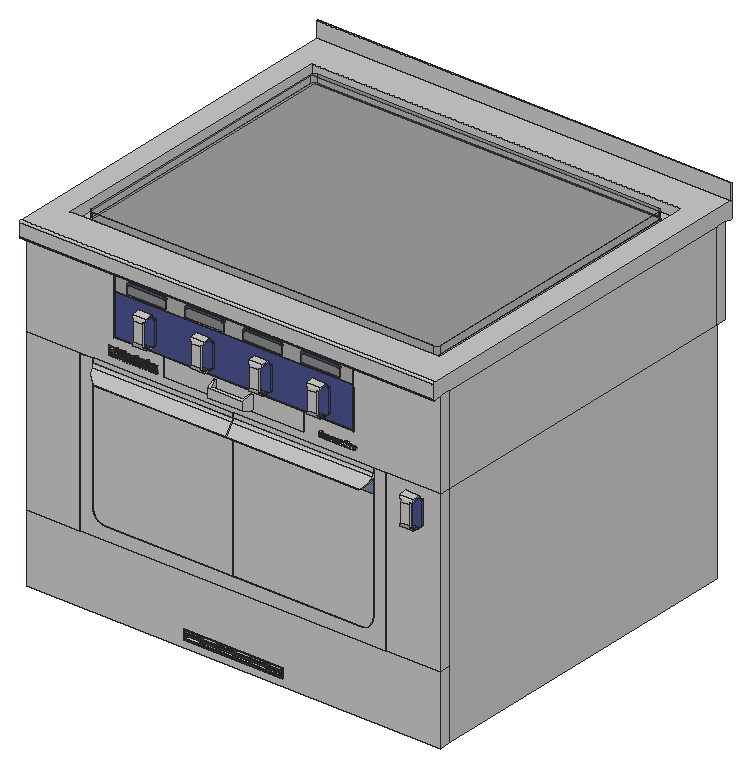
Revit family "QF_ELECTROLUXPROFESSIONAL_589705_MCLQFBJ4AO", category Attrezzature speciali, Revit 2020
Family settings
  Quota connettore circolare = Usa diametro
  Tipo di parte = Normale
  Basato su piano di lavoro = No
  Sempre verticale = Sì
  Taglio con vuoti quando caricato = No
  Condiviso = No
  Punto di calcolo locali = No
Parameters (values of type "Standard")
  Weight = 193.00 kg
  Watts = 18300 W
  Volts = 400 V
  URL Manufacturer = "https://www.electroluxprofessional.com/"
  URL = "https://www.electroluxprofessional.com/"
  Steam Supply Size = 0"
  Steam Supply Minimum Pressure = 0.00 psi
  Steam Supply Maximum Pressure = 0.00 psi
  Steam Consumption per Hour = 0
  Refrigeration Suction Line Size = 0 mm
  Refrigeration Liquid Line Size = 0 mm
  Refrigerant Compressor Remote = yes
  Prospetto di default = 0 mm
  Phase = 3
  Modello = "MCLQFBJ4AO"
  Produttore = "Electrolux Professional"
  Length Actual = 1000 mm  # constant formula
  Item Number = "589705"
  Hot Water Size = 0"
  Height Actual = 800 mm  # constant formula
  HP = "24.5 HP"
  Gas Size = 0"
  Gas KW = 0
  Gas Input Pressure = 0.0 Btu/h
  Direct Waste Size = 0"
  Descrizione = "EL.SOLID T,ECO,WARM.CAB.1S,BS,1000X900X8"
  Depth Actual = 900 mm  # constant formula
  Cycle = 50 Hz
  Condensate Return Size = 0"
  Compressed Air Volume = 0 GPM
  Compressed Air Size = 0"
  Compressed Air Pressure = 0.00 psi
  Cold Water Size = 0"
  Accessory = yes
Reference planes
  plane 1 "BACK": y = 0
  plane 2: z = 0
  plane 3 "LEFT": x = -100
  plane 4 "RIGHT": x = 900
  plane 5 "FRONT": y = -900
  plane 6 "TOP": z = 900
  plane 7 "Center (Left/Right)": x = 400
  plane 8: y = -450
  plane 9: z = 100
  plane 10: y = -150
  plane 11 "Panel": y = -855
  plane 12: z = 798
  plane 13: z = 1327
  plane 14: x = -22
  plane 15: x = 822
  plane 16: y = -150
  plane 17: y = -650
  plane 18 "EIx": x = 855
  plane 19 "EIy": y = -685
  plane 20: y = -880
  plane 21: z = 938
Forms (mm)
  Extrusion 1, solid, material "QF_Finishes_Stainless Steel"
    sketch origin (-178.969, -4572, 100) x (-1, 0, 0) y (0, -1, 0)
      loop
        line (-78.969, -4527) -> (-78.969, -3717) -> (-1078.969, -3717) -> (-1078.969, -4527) -> (-78.969, -4527)
    from 549.969 to 762.969
  Extrusion 2, solid, material "QF_Finishes_Stainless Steel"
    sketch origin (-100, 0, -100) x (0, 1, 0) y (0, 0, 1)
      loop
        line (-855, 200) -> (-855, 365) -> (-880, 365) -> (-880, 200) -> (-855, 200)
    from 0 to 1000
  Extrusion 3, solid, material "QF_Finishes_Stainless Steel"
    sketch origin (-488.969, -4662, 100) x (-1, 0, 0) y (0, -1, 0)
      loop
        circle (-1343.969, -3977) r 6.35
    from 0 to -11.851
  Extrusion 4, solid, material "QF_Finishes_Stainless Steel"
    sketch origin (400, 296.4, 1219.2) x (0, 1, 0) y (0, 0, 1)
      loop
        line (-296.4, -319.2) -> (-1191.4, -319.2)
        arc (-1191.4, -319.2) -> (-1194.935, -320.664) -> (-1196.4, -324.2) r 5
        line (-1196.4, -324.2) -> (-1196.4, -355.2)
        arc (-1196.4, -355.2) -> (-1194.971, -358.264) -> (-1191.705, -359.139) r 4
        line (-1191.705, -359.139) -> (-1176.4, -356.231) -> (-316.4, -356.231) -> (-301.094, -359.139)
        arc (-301.094, -359.139) -> (-297.829, -358.264) -> (-296.4, -355.2) r 4
        line (-296.4, -355.2) -> (-296.4, -319.2)
    from -500 to 500
  Extrusion 5, solid, material "QF_Finishes_Electrolux_Black Smoke Iluminated"
    sketch origin (0, 0, 900) x (-1, 0, 0) y (0, -1, 0)
      loop
        arc (12, 109) -> (19.071, 111.929) -> (22, 119) r 10
        line (22, 119) -> (22, 780)
        arc (22, 780) -> (19.071, 787.071) -> (12, 790) r 10
        line (12, 790) -> (-812, 790)
        arc (-812, 790) -> (-819.071, 787.071) -> (-822, 780) r 10
        line (-822, 780) -> (-822, 119)
        arc (-822, 119) -> (-819.071, 111.929) -> (-812, 109) r 10
        line (-812, 109) -> (12, 109)
    from 0 to -20
  Extrusion 6, solid, material "QF_Finishes_Stainless Steel"
    sketch origin (-178.969, -4572, 100) x (-1, 0, 0) y (0, -1, 0)
      loop
        line (-78.969, -4527) -> (-78.969, -3717) -> (-1078.969, -3717) -> (-1078.969, -4527) -> (-78.969, -4527)
    from 549.969 to 0
  Extrusion 7, void
    sketch origin (0, -855, -100) x (-1, 0, 0) y (0, 0, 1)
      loop
        line (-520, 216.594) -> (-280, 216.594) -> (-280, 241.594) -> (-520, 241.594) -> (-520, 216.594)
    from 0 to -25
  Extrusion 8, solid, material "QF_Finishes_Black"
    sketch origin (0, -855, -100) x (-1, 0, 0) y (0, 0, 1)
      loop
        line (-280, 241.594) -> (-520, 241.594) -> (-520, 216.594) -> (-280, 216.594) -> (-280, 241.594)
      loop
        line (-282, 239.594) -> (-319.131, 239.594) -> (-319.131, 230.094) -> (-282, 230.094) -> (-282, 239.594)
      loop
        line (-282, 218.594) -> (-282, 228.094) -> (-319.131, 228.094) -> (-319.131, 218.594) -> (-282, 218.594)
      loop
        line (-321.131, 239.594) -> (-359.066, 239.594) -> (-359.066, 230.094) -> (-321.131, 230.094) -> (-321.131, 239.594)
      loop
        line (-399, 239.594) -> (-399, 230.094) -> (-361.066, 230.094) -> (-361.066, 239.594) -> (-399, 239.594)
      loop
        line (-401, 239.594) -> (-438.934, 239.594) -> (-438.934, 230.094) -> (-401, 230.094) -> (-401, 239.594)
      loop
        line (-359.066, 218.594) -> (-321.131, 218.594) -> (-321.131, 228.094) -> (-359.066, 228.094) -> (-359.066, 218.594)
      loop
        line (-361.066, 218.594) -> (-361.066, 228.094) -> (-399, 228.094) -> (-399, 218.594) -> (-361.066, 218.594)
      loop
        line (-401, 228.094) -> (-438.934, 228.094) -> (-438.934, 218.594) -> (-401, 218.594) -> (-401, 228.094)
      loop
        line (-518, 239.594) -> (-518, 230.094) -> (-480.869, 230.094) -> (-480.869, 239.594) -> (-518, 239.594)
      loop
        line (-518, 218.594) -> (-480.869, 218.594) -> (-480.869, 228.094) -> (-518, 228.094) -> (-518, 218.594)
      loop
        line (-478.869, 239.594) -> (-478.869, 230.094) -> (-440.934, 230.094) -> (-440.934, 239.594) -> (-478.869, 239.594)
      loop
        line (-440.934, 218.594) -> (-440.934, 228.094) -> (-478.869, 228.094) -> (-478.869, 218.594) -> (-440.934, 218.594)
    from -25.03 to -20
  Extrusion 9, void
    sketch origin (0, 0, 900) x (-1, 0, 0) y (0, -1, 0)
      loop
        line (47, 815) -> (-847, 815) -> (-847, 84) -> (47, 84) -> (47, 815)
    from 0 to -25
  Extrusion 10, solid, material "QF_Finishes_Stainless Steel"
    sketch origin (0, 0, 900) x (-1, 0, 0) y (0, -1, 0)
      loop
        line (18, 113) -> (18, 786) -> (-818, 786) -> (-818, 113) -> (18, 113)
    from -20 to -25
  Extrusion 11, solid, material "QF_Finishes_Stainless Steel"
    sketch origin (400, 296.4, 1219.169) x (0, 1, 0) y (0, 0, 1)
      loop
        line (-341.4, -356.2) -> (-341.4, -569.2) -> (-316.4, -569.2) -> (-316.4, -356.2) -> (-341.4, -356.2)
    from -500 to 500
  Extrusion 12, solid, material "QF_Finishes_Stainless Steel"
    sketch origin (0, -900, 0) x (1, 0, 0) y (0, 0, 1)
      loop
        line (-100, 649.969) -> (-100, 265) -> (30, 265) -> (30, 649.969) -> (-100, 649.969)
      loop
        line (900, 650) -> (770, 650) -> (770, 265) -> (900, 265) -> (900, 650)
    from -45 to -20
  Extrusion 13, solid, material "QF_Finishes_Stainless Steel"
    sketch origin (0, -900, 0) x (1, 0, 0) y (0, 0, 1)
      loop
        line (32, 265) -> (768, 265) -> (768, 650) -> (740, 650) -> (740, 327)
        arc (740, 327) -> (730.627, 304.373) -> (708, 295) r 32
        line (708, 295) -> (92, 295)
        arc (92, 295) -> (69.373, 304.373) -> (60, 327) r 32
        line (60, 327) -> (60, 649.969) -> (32, 649.969) -> (32, 265)
    from -45 to -20
  Extrusion 14, solid, material "QF_Finishes_Stainless Steel"
    sketch origin (-100, 0, 0) x (0, 1, 0) y (0, 0, 1)
      loop
        line (0, 900) -> (0, 938) -> (-2, 938) -> (-2, 900) -> (0, 900)
    from 0 to 1000
Cuts and joins
  Extrusion 7 cuts Extrusion 6
  Extrusion 7 cuts Extrusion 2
  Extrusion 9 cuts Extrusion 4
Lines and regions (mm)
  symbolic lines
    curve 1: line (-100, 0, 100) -> (900, 0, 100)
    curve 2: line (-100, -900, 100) -> (-100, 0, 100)
    curve 3: line (900, -900, 100) -> (-100, -900, 100)
    curve 4: line (900, 0, 100) -> (900, -900, 100)
    curve 5: line (812, -109, 100) -> (-12, -109, 100)
    curve 6: line (-22, -119, 100) -> (-22, -780, 100)
    curve 7: line (-12, -790, 100) -> (812, -790, 100)
    curve 8: line (822, -780, 100) -> (822, -119, 100)
    curve 9: arc (-12, -109, 100) -> (-19.071, -111.929, 100) -> (-22, -119, 100) r 10
    curve 10: arc (822, -119, 100) -> (819.071, -111.929, 100) -> (812, -109, 100) r 10
    curve 11: arc (812, -790, 100) -> (819.071, -787.071, 100) -> (822, -780, 100) r 10
    curve 12: arc (-22, -780, 100) -> (-19.071, -787.071, 100) -> (-12, -790, 100) r 10
    curve 13: line (847, -84, 900) -> (-47, -84, 900)
    curve 14: line (-47, -84, 900) -> (-47, -815, 900)
    curve 15: line (847, -815, 900) -> (847, -84, 900)
    curve 16: line (-47, -815, 900) -> (847, -815, 900)
  model lines, style "SpecialityEquipment"
    curve 17: arc (634, -211, 900) -> (580.967, -339.033, 900) -> (709, -286, 900) r 75
    curve 18: line (689, -286, 900) -> (729, -286, 900)
    curve 19: line (729, -286, 900) -> (709, -266, 900)
    curve 20: line (689, -286, 900) -> (709, -266, 900)
    curve 21: arc (166, -211, 900) -> (112.967, -339.033, 900) -> (241, -286, 900) r 75
    curve 22: line (221, -286, 900) -> (261, -286, 900)
    curve 23: line (261, -286, 900) -> (241, -266, 900)
    curve 24: line (221, -286, 900) -> (241, -266, 900)
    curve 25: arc (634, -539, 900) -> (580.967, -667.033, 900) -> (709, -614, 900) r 75
    curve 26: line (689, -614, 900) -> (729, -614, 900)
    curve 27: line (729, -614, 900) -> (709, -594, 900)
    curve 28: line (689, -614, 900) -> (709, -594, 900)
    curve 29: arc (166, -539, 900) -> (112.967, -667.033, 900) -> (241, -614, 900) r 75
    curve 30: line (221, -614, 900) -> (261, -614, 900)
    curve 31: line (261, -614, 900) -> (241, -594, 900)
    curve 32: line (221, -614, 900) -> (241, -594, 900)
  symbolic lines, style "SpecialityEquipment"
    curve 33: line (-100, -2, 0) -> (900, -2, 0)
Dimensions and locks
  plane 3 "LEFT" to plane 4 "RIGHT" = 1000 mm
  plane 5 "FRONT" to plane 1 "BACK" = 900 mm
  plane 3 "LEFT" to plane 7 "Center (Left/Right)" to plane 4 "RIGHT" = 500 mm, 500 mm
  equal spacing: plane 5 "FRONT", plane 8, plane 1 "BACK"
  plane 6 "TOP" to level = 900 mm  (x2)
  plane 9 to level = 100 mm
  plane 1 "BACK" to plane 10 to plane 11 "Panel" = 150 mm, 705 mm  (x2)
  plane 6 "TOP" to plane 9 to level = 800 mm, 100 mm
  plane 1 "BACK" to plane 5 "FRONT" = 900 mm
  plane 1 "BACK" to Extrusion 3 = 685 mm
  plane 12 to plane 9 = 698 mm
  plane 13 to plane 6 "TOP" = 427 mm
  plane 6 "TOP" to plane 12 = 102 mm
  plane 14 to plane 3 "LEFT" = 78 mm
  plane 15 to plane 4 "RIGHT" = 78 mm
  locked: plane 1 "BACK" to plane 16 at 150
  locked: plane 16 to plane 17 at 500
  plane 11 "Panel" to plane 5 "FRONT" = 45 mm
  plane 18 "EIx" to plane 4 "RIGHT" = 45 mm
  plane 19 "EIy" to plane 1 "BACK" = 685 mm
  locked: plane 11 "Panel" to plane 20 at 25
  plane 21 to plane 6 "TOP" = 38 mm
  aligned and locked: level to plane 2
  aligned and locked: Extrusion 2 to plane 4 "RIGHT"
  aligned and locked: cut or joined group of Extrusion 4, Extrusion 9 to plane 3 "LEFT"
  aligned and locked: cut or joined group of Extrusion 4, Extrusion 9 to plane 4 "RIGHT"
  aligned and locked: cut or joined group of Extrusion 6, Extrusion 7 to plane 4 "RIGHT"
  aligned and locked: cut or joined group of Extrusion 6, Extrusion 7 to plane 3 "LEFT"
  aligned and locked: nested 2 to plane 11 "Panel"
  aligned and locked: Extrusion 1 to plane 11 "Panel"
  aligned and locked: plane 11 "Panel" to cut or joined group of Extrusion 2, Extrusion 7
  aligned and locked: nested 1 to plane 20
  aligned and locked: Extrusion 11 to plane 4 "RIGHT"
  aligned and locked: Extrusion 1 to plane 3 "LEFT"
  aligned and locked: Extrusion 11 to plane 3 "LEFT"
  aligned and locked: Extrusion 1 to plane 4 "RIGHT"
  aligned and locked: plane 7 "Center (Left/Right)" to nested 3
  aligned and locked: Extrusion 12 to nested 2
  aligned and locked: plane 20 to Extrusion 12
  aligned and locked: plane 11 "Panel" to Extrusion 13
  aligned and locked: plane 20 to Extrusion 13
Automatic sketch dimensions
  curve 33 to plane 3 "LEFT" = 0 mm
  curve 33 to plane 4 "RIGHT" = 0 mm
  plane 1 "BACK" to curve 33 = 2 mm
  Extrusion 1 sketch curve to plane 4 "RIGHT" = 0 mm
  Extrusion 1 sketch curve to plane 3 "LEFT" = 0 mm
  Extrusion 1 sketch curve to plane 11 "Panel" = 0 mm
  plane 1 "BACK" to Extrusion 1 sketch curve = 45 mm
  Extrusion 2 sketch curve to plane 9 = 0 mm
  Extrusion 2 sketch curve to plane 20 = 0 mm
  Extrusion 2 sketch curve to plane 11 "Panel" = 0 mm
  plane 9 to Extrusion 2 sketch curve = 165 mm
  plane 1 "BACK" to curve 1 = 0 mm
  curve 1 to plane 4 "RIGHT" = 0 mm
  curve 8 to plane 15 = 0 mm
  curve 6 to plane 14 = 0 mm
  curve 2 to plane 3 "LEFT" = 0 mm
  plane 5 "FRONT" to curve 3 = 0 mm
  plane 15 to curve 5 = 10 mm
  plane 15 to curve 11 = 10 mm
  curve 5 to plane 14 = 10 mm
  curve 12 to curve 12 = 10 mm
  plane 10 to curve 5 = 41 mm
  plane 11 "Panel" to curve 11 = 75 mm
  Extrusion 3 sketch curve to plane 18 "EIx" = 0 mm
  Extrusion 3 sketch curve to plane 19 "EIy" = 0 mm
  Extrusion 4 sketch curve to plane 5 "FRONT" = 0 mm
  Extrusion 4 sketch curve to plane 6 "TOP" = 0 mm
  Extrusion 4 sketch curve to plane 20 = 0 mm
  Extrusion 4 sketch curve to plane 1 "BACK" = 0 mm
  Extrusion 4 sketch curve to Extrusion 4 sketch curve = 4 mm
  Extrusion 4 sketch curve to Extrusion 4 sketch curve = 0.695 mm
  Extrusion 4 sketch curve to plane 5 "FRONT" = 5 mm
  plane 1 "BACK" to Extrusion 4 sketch curve = 20 mm
  plane 1 "BACK" to Extrusion 4 sketch curve = 4.695 mm
  plane 1 "BACK" to Extrusion 4 sketch curve = 4 mm
  Extrusion 4 sketch curve to Extrusion 4 sketch curve = 31 mm
  Extrusion 4 sketch curve to Extrusion 4 sketch curve = 36 mm
  Extrusion 4 sketch curve to Extrusion 4 sketch curve = 2.909 mm
  Extrusion 5 sketch curve to plane 15 = 0 mm
  Extrusion 5 sketch curve to plane 14 = 0 mm
  plane 15 to Extrusion 5 sketch curve = 10 mm  (x2)
  Extrusion 5 sketch curve to Extrusion 5 sketch curve = 10 mm  (x2)
  plane 10 to Extrusion 5 sketch curve = 41 mm
  plane 11 "Panel" to Extrusion 5 sketch curve = 75 mm
  Extrusion 6 sketch curve to plane 4 "RIGHT" = 0 mm
  Extrusion 6 sketch curve to plane 3 "LEFT" = 0 mm
  Extrusion 6 sketch curve to plane 11 "Panel" = 0 mm
  plane 1 "BACK" to Extrusion 6 sketch curve = 45 mm
  plane 9 to Extrusion 7 sketch curve = 41.594 mm
  plane 7 "Center (Left/Right)" to Extrusion 7 sketch curve = 120 mm
  Extrusion 7 sketch curve to plane 7 "Center (Left/Right)" = 120 mm
  plane 9 to Extrusion 7 sketch curve = 16.594 mm
  plane 9 to Extrusion 8 sketch curve = 41.594 mm
  plane 7 "Center (Left/Right)" to Extrusion 8 sketch curve = 120 mm
  Extrusion 8 sketch curve to Extrusion 8 sketch curve = 2 mm  (x15)
  Extrusion 8 sketch curve to Extrusion 8 sketch curve = 0 mm  (x16)
  Extrusion 8 sketch curve to Extrusion 8 sketch curve = 37.131 mm  (x2)
  Extrusion 8 sketch curve to Extrusion 8 sketch curve = 37.934 mm  (x3)
  plane 7 "Center (Left/Right)" to Extrusion 8 sketch curve = 1 mm  (x2)
  Extrusion 8 sketch curve to plane 7 "Center (Left/Right)" = 1 mm  (x2)
  plane 9 to Extrusion 8 sketch curve = 18.594 mm  (x4)
  Extrusion 8 sketch curve to Extrusion 8 sketch curve = 9.5 mm  (x6)
  plane 18 "EIx" to Extrusion 9 sketch curve = 8 mm
  plane 14 to Extrusion 9 sketch curve = 25 mm
  plane 10 to Extrusion 9 sketch curve = 66 mm
  plane 11 "Panel" to Extrusion 9 sketch curve = 40 mm
  plane 15 to Extrusion 10 sketch curve = 4 mm
  Extrusion 10 sketch curve to plane 14 = 4 mm
  plane 10 to Extrusion 10 sketch curve = 37 mm
  plane 11 "Panel" to Extrusion 10 sketch curve = 69 mm
  plane 18 "EIx" to curve 16 = 8 mm
  plane 15 to curve 19 = 93 mm
  curve 27 to plane 17 = 36 mm
  plane 15 to curve 27 = 93 mm
  curve 26 to curve 27 = 20 mm
  curve 18 to curve 20 = 20 mm
  curve 19 to curve 20 = 20 mm
  curve 28 to curve 26 = 20 mm
  curve 18 to curve 17 = 55 mm
  curve 26 to curve 25 = 55 mm
  curve 31 to plane 17 = 36 mm
  curve 31 to plane 7 "Center (Left/Right)" = 139 mm
  curve 23 to plane 7 "Center (Left/Right)" = 139 mm
  curve 22 to curve 24 = 20 mm
  curve 30 to curve 31 = 20 mm
  curve 32 to curve 32 = 20 mm
  curve 23 to curve 24 = 20 mm
  curve 22 to curve 21 = 55 mm
  curve 30 to curve 29 = 55 mm
  plane 14 to curve 14 = 25 mm
  curve 22 to plane 10 = 136 mm
  curve 18 to plane 10 = 136 mm
  plane 10 to curve 13 = 66 mm
  plane 11 "Panel" to curve 15 = 40 mm
  curve 25 to curve 26 = 20 mm
  curve 17 to curve 18 = 20 mm
  curve 29 to curve 30 = 20 mm
  curve 21 to curve 22 = 20 mm
  plane 1 "BACK" to Extrusion 11 sketch curve = 45 mm
  plane 1 "BACK" to Extrusion 11 sketch curve = 20 mm
  Extrusion 11 sketch curve to plane 12 = 148.031 mm
  Extrusion 11 sketch curve to plane 6 "TOP" = 37.031 mm
  Extrusion 12 sketch curve to plane 3 "LEFT" = 0 mm
  plane 4 "RIGHT" to Extrusion 12 sketch curve = 0 mm
  Extrusion 12 sketch curve to plane 14 = 52 mm
  plane 15 to Extrusion 12 sketch curve = 52 mm
  plane 9 to Extrusion 12 sketch curve = 165 mm  (x2)
  Extrusion 12 sketch curve to plane 12 = 148.031 mm
  Extrusion 12 sketch curve to plane 12 = 148 mm
  Extrusion 13 sketch curve to plane 14 = 54 mm
  Extrusion 13 sketch curve to Extrusion 13 sketch curve = 28 mm
  Extrusion 13 sketch curve to Extrusion 13 sketch curve = 32 mm  (x2)
  plane 15 to Extrusion 13 sketch curve = 114 mm
  plane 15 to Extrusion 13 sketch curve = 54 mm
  plane 9 to Extrusion 13 sketch curve = 165 mm
  Extrusion 13 sketch curve to Extrusion 13 sketch curve = 30 mm
  Extrusion 13 sketch curve to plane 12 = 148.031 mm
  Extrusion 13 sketch curve to plane 12 = 148 mm
  Extrusion 14 sketch curve to plane 6 "TOP" = 0 mm
  Extrusion 14 sketch curve to plane 21 = 0 mm
  Extrusion 14 sketch curve to plane 1 "BACK" = 0 mm
  Extrusion 14 sketch curve to Extrusion 14 sketch curve = 2 mm
  radius of Extrusion 3 sketch curve = 6.35 mm
Nested families
  nested 1: "FIT Range Control Handle" at (835, -883.137, -372.751), type "FIT Range Control Handle"
  nested 2: "Front_Panel_W1000_Four Knobs" at (102.376, -855, 0), type "Front_Panel_W1000_Four Knobs"
  nested 3: "H450H2W1000_2DOOR" at (363.958, -855, 200) x (1, 0, 0) z (0, -1, 0), type "H450H2W1000_2DOOR"
    with Width 680 mm, Wdoor 340 mm, Show Clearance yes
  nested 4: "Warm" at (900, -900, 0), type "Warm"
Connectors
  electrical at (855, -685, 88.149)
    settings: on Extrusion 3, index 1, voltage 400 V, apparent load 33000 VA, apparent load phase1 0 VA, apparent load phase2 0 VA, apparent load phase3 0 VA, power factor 1, load classification "Other", number of poles 1, system type 30, power factor state 1, is connector primary yes, connector utility no, sub classification motor no, connector description "ELECTRICAL CONNECTION"
Definition of nested family "FIT Range Control Handle"
  Parameters
    Default Elevation = 0 mm
  Reference planes
    plane 1 "Center (Front/Back)": y = 0
    plane 2: z = 0
    plane 3 "Center (Left/Right)": x = 0
    plane 4: z = 971.092
    plane 5: y = -16.8
  Forms (mm)
    Extrusion 1, solid
      sketch origin (-746.28, 380.497, 208.931) x (-1, 0, 0) y (0, 0, 1)
        loop
          line (-770.101, 786.798) -> (-770.101, 731.649)
          arc (-770.101, 731.649) -> (-769.759, 730.563) -> (-768.855, 729.87) r 1.893
          line (-768.855, 729.87) -> (-763.474, 727.911) -> (-729.81, 727.911) -> (-724.428, 729.87)
          arc (-724.428, 729.87) -> (-723.525, 730.563) -> (-723.183, 731.649) r 1.893
          line (-723.183, 731.649) -> (-723.183, 786.798)
          arc (-723.183, 786.798) -> (-723.529, 787.894) -> (-724.44, 788.593) r 1.91
          line (-724.44, 788.593) -> (-729.683, 790.819) -> (-763.601, 790.819) -> (-768.844, 788.593)
          arc (-768.844, 788.593) -> (-769.755, 787.894) -> (-770.101, 786.798) r 1.91
      from -382.35 to -378.852
    Sweep 2, solid
      path origin (-746.788, 380.496, 208.091) x (0, -1, 0) y (0, 0, 1)
        loop
          line (379.775, 793.281) -> (395.661, 791.048)
          arc (395.661, 791.048) -> (397.781, 787.377) -> (398.517, 783.202) r 12.207
          line (398.517, 783.202) -> (398.517, 737.368)
          arc (398.517, 737.368) -> (397.781, 733.193) -> (395.661, 729.522) r 12.207
          line (395.661, 729.522) -> (379.775, 727.289)
      profile origin (-746.788, -7.222, 1000.256) x (0, -0.139173, 0.990268) y (-1, 0, 0)
        loop
          line (0.782, -763.123) -> (0.782, -730.907) -> (-1.322, -730.907) -> (-1.322, -763.123) -> (0.782, -763.123)
    Sweep 3, solid
      path origin (-746.788, 380.715, 207.832) x (0, -1, 0) y (0, 0, 1)
        loop
          line (380.478, 795.442) -> (397.218, 793.09)
          arc (397.218, 793.09) -> (399.929, 788.473) -> (400.871, 783.202) r 15.207
          line (400.871, 783.202) -> (400.871, 737.584)
          arc (400.871, 737.584) -> (399.914, 732.274) -> (397.164, 727.633) r 15.207
          line (397.164, 727.633) -> (380.601, 725.305)
      profile origin (-746.788, -8.132, 1002.099) x (0, -0.139173, 0.990268) y (-1, 0, 0)
        loop
          line (0.782, -763.123) -> (0.782, -730.907) -> (-1.322, -730.907) -> (-1.322, -763.123) -> (0.782, -763.123)
    Extrusion 4, void
      sketch origin (889.253, 220.666, 207.993) x (1, 0, 0) y (0, 0, 1)
        loop
          line (-943.038, 816.854) -> (-943.038, 703.686) -> (-899.466, 734.196) -> (-899.466, 786.344) -> (-943.038, 816.854)
      from 230.636 to 242.25
    Extrusion 5, void
      sketch origin (-888.8, 220.666, 207.993) x (-1, 0, 0) y (0, 0, -1)
        loop
          line (-943.038, -816.854) -> (-899.466, -786.344) -> (-899.466, -734.196) -> (-943.038, -703.686) -> (-943.038, -816.854)
      from 230.636 to 242.25
    Extrusion 6, solid
      sketch origin (0, 0, 0) x (1, 0, 0) y (0, 0, 1)
        loop
          circle (0, 971.092) r 7.736
      from -3.137 to -1.645
  Cuts and joins
    Extrusion 4, Extrusion 5 cuts Sweep 3
    Extrusion 4, Extrusion 5 cuts Sweep 2
    joined: Extrusion 1, Extrusion 6
  Lines and regions (mm)
    symbolic lines
      curve 1: line (-15.881, -19.189, 0) -> (-15.881, -16.8, 0)
      curve 2: line (16.334, -19.189, 0) -> (16.334, -16.8, 0)
      curve 3: spline (-15.881, -19.189, 0) -> (-15.417, -19.349, 0) -> (-14.951, -19.501, 0) -> (-14.483, -19.646, 0) -> (-14.014, -19.783, 0) -> (-13.543, -19.912, 0) -> (-13.071, -20.033, 0) -> (-12.597, -20.146, 0) -> (-12.122, -20.251, 0) -> (-11.646, -20.349, 0) -> (-11.169, -20.438, 0) -> (-10.691, -20.52, 0) -> (-10.213, -20.593, 0)
      curve 4: spline (10.666, -20.593, 0) -> (11.144, -20.52, 0) -> (11.622, -20.438, 0) -> (12.099, -20.349, 0) -> (12.575, -20.251, 0) -> (13.05, -20.146, 0) -> (13.524, -20.033, 0) -> (13.996, -19.912, 0) -> (14.467, -19.783, 0) -> (14.936, -19.646, 0) -> (15.404, -19.501, 0) -> (15.87, -19.349, 0) -> (16.334, -19.189, 0)
      curve 5: line (-10.213, -20.938, 0) -> (10.716, -20.938, 0)
  Dimensions and locks
    cut or joined group of Sweep 3, Extrusion 4, Extrusion 5 to cut or joined group of Sweep 3, Extrusion 4, Extrusion 5 = 71.686 mm
Definition of nested family "Front_Panel_W1000_Four Knobs"
  Parameters
    Default Elevation = 0 mm
  Reference planes
    plane 1 "Center (Front/Back)": y = 0
    plane 2: z = 0
    plane 3 "Center (Left/Right)": x = 297.624
    plane 4 "Left": x = -202.376
    plane 5 "Right": x = 797.624
    plane 6: y = -45
    plane 7: x = 87.624
    plane 8: x = 227.624
    plane 9: y = -310
    plane 10: y = -25
    plane 11: x = -2.376
    plane 12: x = 367.624
    plane 13: x = 507.624
    plane 14: x = 594.715
  Forms (mm)
    Extrusion 1, solid
      sketch origin (833.217, 829.203, -1.25) x (0, 1, 0) y (0, 0, 1)
        loop
          line (-854.203, 651.25) -> (-829.203, 651.25) -> (-829.203, 864.25) -> (-854.203, 864.25) -> (-854.203, 651.25)
      from -1035.593 to -35.593
    Extrusion 2, void
      sketch origin (0, 0, 0) x (1, 0, 0) y (0, 0, 1)
        loop
          line (7.624, 853.866) -> (7.624, 711.866) -> (587.624, 711.866) -> (587.624, 853.866) -> (7.624, 853.866)
      from 19.387 to 33.951
    Extrusion 3, void
      sketch origin (0, 0, 0) x (1, 0, 0) y (0, 0, 1)
        loop
          line (128.624, 711.866) -> (128.624, 668.866) -> (466.624, 668.866) -> (466.624, 711.866) -> (128.624, 711.866)
      from 19.387 to 25
    Extrusion 4, solid
      sketch origin (150, 0, 1) x (1, 0, 0) y (0, 0, 1)
        loop
          line (-21.376, 710.866) -> (-21.376, 667.866) -> (316.624, 667.866) -> (316.624, 710.866) -> (-21.376, 710.866)
      from 19.387 to 25
    Extrusion 5, solid
      sketch origin (150, 0, 1) x (1, 0, 0) y (0, 1, 0)
        loop
          line (106.059, -25) -> (100.966, -25) -> (105.646, -49.075) -> (189.603, -49.075) -> (194.283, -25) -> (189.189, -25) -> (185.481, -44.075) -> (109.767, -44.075) -> (106.059, -25)
      from 672.593 to 705.67
    Extrusion 6, void
      sketch origin (297.624, 0, 1) x (0, 1, 0) y (0, 0, 1)
        loop
          line (-30, 705.67) -> (-30, 710.67) -> (-56.744, 710.67) -> (-56.744, 667.593) -> (-30, 667.593) -> (-30, 672.593) -> (-53.776, 680.318) -> (-53.776, 697.945) -> (-30, 705.67)
      from -50 to 50
    Extrusion 7, solid, detail levels coarse
      sketch origin (150, -265, 1) x (1, 0, 0) y (0, 1, 0)
        loop
          line (106.164, -71.744) -> (189.084, -71.744) -> (194.283, -45) -> (316.624, -45) -> (316.624, 240) -> (-21.376, 240) -> (-21.376, -45) -> (100.966, -45) -> (106.164, -71.744)
      from 672.593 to 705.67
    Extrusion 8, void
      sketch origin (297.624, -280, 1) x (0, 1, 0) y (0, 0, 1)
        loop
          line (-30, 705.67) -> (-30, 710.67) -> (-56.744, 710.67) -> (-56.744, 667.593) -> (-30, 667.593) -> (-30, 672.593) -> (-53.776, 680.318) -> (-53.776, 697.945) -> (-30, 705.67)
      from -50 to 50
  Cuts and joins
    Extrusion 2, Extrusion 3 cuts Extrusion 1
    Extrusion 6 cuts Extrusion 5
    Extrusion 6, Extrusion 8 cuts Extrusion 7
  Lines and regions (mm)
    symbolic lines
      curve 1: line (128.624, -45, 0) -> (128.624, -310, 0)
      curve 2: line (128.624, -310, 0) -> (466.624, -310, 0)
      curve 3: line (466.624, -310, 0) -> (466.624, -45, 0)
      curve 4: line (128.624, -300, 0) -> (466.624, -300, 0)
      curve 5: line (250.908, -309.701, 0) -> (255.587, -333.776, 0)
      curve 6: line (255.587, -333.776, 0) -> (339.545, -333.776, 0)
      curve 7: line (339.545, -333.776, 0) -> (344.225, -309.701, 0)
      curve 8: line (256.001, -309.701, 0) -> (259.709, -328.776, 0)
      curve 9: line (259.709, -328.776, 0) -> (335.423, -328.776, 0)
      curve 10: line (335.423, -328.776, 0) -> (339.131, -309.701, 0)
  Dimensions and locks
    equal spacing: plane 5 "Right", plane 3 "Center (Left/Right)", plane 4 "Left"
    plane 5 "Right" to plane 4 "Left" = 1000 mm
    plane 3 "Center (Left/Right)" to plane 7 = 210 mm
    plane 3 "Center (Left/Right)" to plane 8 = 70 mm
    plane 6 to plane 9 = 265 mm
    plane 13 to plane 3 "Center (Left/Right)" = 210 mm
    plane 12 to plane 3 "Center (Left/Right)" = 70 mm
    aligned and locked: cut or joined group of Extrusion 1, Extrusion 2, Extrusion 3 to plane 4 "Left"
    aligned and locked: plane 5 "Right" to cut or joined group of Extrusion 1, Extrusion 2, Extrusion 3
    aligned and locked: plane 3 "Center (Left/Right)" to nested 2
    aligned and locked: cut or joined group of Extrusion 1, Extrusion 2, Extrusion 3 to nested 2
  Automatic sketch dimensions
    plane 7 to Extrusion 3 sketch curve = 41 mm
    plane 3 "Center (Left/Right)" to Extrusion 3 sketch curve = 169 mm
    level to Extrusion 3 sketch curve = 668.866 mm
    Extrusion 3 sketch curve to Extrusion 3 sketch curve = 43 mm
    Extrusion 1 sketch curve to plane 1 "Center (Front/Back)" = 0 mm
    level to Extrusion 1 sketch curve = 650 mm
    plane 4 "Left" to Extrusion 2 sketch curve = 210 mm
    Extrusion 2 sketch curve to plane 5 "Right" = 210 mm
    level to Extrusion 2 sketch curve = 711.866 mm
    Extrusion 2 sketch curve to Extrusion 2 sketch curve = 142 mm
    plane 6 to curve 1 = 0 mm
    plane 6 to curve 3 = 0 mm
    plane 9 to curve 1 = 0 mm
    plane 7 to curve 1 = 41 mm
    curve 1 to curve 4 = 10 mm
    Extrusion 1 sketch curve to plane 6 = 20 mm
    Extrusion 1 sketch curve to Extrusion 1 sketch curve = 213 mm
    plane 7 to Extrusion 4 sketch curve = 41 mm
    Extrusion 4 sketch curve to plane 13 = 41 mm
    level to Extrusion 4 sketch curve = 668.866 mm
    Extrusion 4 sketch curve to Extrusion 4 sketch curve = 43 mm
    plane 10 to Extrusion 5 sketch curve = 0 mm  (x2)
    plane 8 to Extrusion 5 sketch curve = 23.342 mm
    plane 6 to Extrusion 5 sketch curve = 4.075 mm
    Extrusion 5 sketch curve to Extrusion 5 sketch curve = 4.68 mm
    Extrusion 5 sketch curve to Extrusion 5 sketch curve = 5.094 mm  (x2)
    Extrusion 5 sketch curve to plane 6 = 0.925 mm
    Extrusion 5 sketch curve to Extrusion 5 sketch curve = 4.122 mm  (x2)
    Extrusion 5 sketch curve to plane 12 = 32.143 mm
    Extrusion 5 sketch curve to Extrusion 5 sketch curve = 3.708 mm
    plane 6 to Extrusion 6 sketch curve = 11.744 mm
    plane 6 to Extrusion 6 sketch curve = 8.776 mm
    plane 10 to Extrusion 6 sketch curve = 5 mm  (x2)
    level to Extrusion 6 sketch curve = 668.593 mm
    Extrusion 6 sketch curve to Extrusion 6 sketch curve = 5 mm
    Extrusion 6 sketch curve to Extrusion 6 sketch curve = 12.725 mm  (x2)
    Extrusion 6 sketch curve to Extrusion 6 sketch curve = 17.627 mm
    Extrusion 6 sketch curve to Extrusion 6 sketch curve = 7.725 mm
    plane 10 to Extrusion 7 sketch curve = 0 mm
    Extrusion 7 sketch curve to plane 9 = 0 mm  (x2)
    plane 7 to Extrusion 7 sketch curve = 41 mm
    plane 8 to Extrusion 7 sketch curve = 23.342 mm
    Extrusion 7 sketch curve to Extrusion 7 sketch curve = 5.199 mm
    Extrusion 7 sketch curve to plane 12 = 28.54 mm
    Extrusion 7 sketch curve to plane 12 = 23.342 mm
    Extrusion 7 sketch curve to plane 13 = 41 mm
    Extrusion 7 sketch curve to plane 9 = 26.744 mm
    Extrusion 8 sketch curve to plane 9 = 0 mm  (x2)
    Extrusion 8 sketch curve to plane 9 = 23.776 mm
    Extrusion 8 sketch curve to Extrusion 8 sketch curve = 2.968 mm
    level to Extrusion 8 sketch curve = 668.593 mm
    Extrusion 8 sketch curve to Extrusion 8 sketch curve = 5 mm
    Extrusion 8 sketch curve to Extrusion 8 sketch curve = 12.725 mm  (x2)
    Extrusion 8 sketch curve to Extrusion 8 sketch curve = 17.627 mm
    Extrusion 8 sketch curve to Extrusion 8 sketch curve = 7.725 mm
    curve 3 to plane 13 = 41 mm
    plane 9 to curve 5 = 0.299 mm
    plane 8 to curve 5 = 23.283 mm
    curve 5 to curve 5 = 4.68 mm
    plane 9 to curve 8 = 0.299 mm
    curve 5 to curve 8 = 5.094 mm
    curve 5 to curve 9 = 4.122 mm
    curve 9 to plane 12 = 32.201 mm
    plane 9 to curve 10 = 0.299 mm
    curve 9 to curve 10 = 3.708 mm
    curve 9 to curve 7 = 4.122 mm
    plane 9 to curve 7 = 0.299 mm
    curve 10 to curve 7 = 5.094 mm
    curve 9 to plane 9 = 18.776 mm
    curve 6 to curve 8 = 5 mm
  Nested families
    nested 1: "Range Control Handle" at (87.624, -28.137, -209.113) x (-1, 0, 0) z (0, 0, 1), type "Range Control Handle"
    nested 2: "Front glass control panel W1000" at (297.624, 280.644, 2.752), type "Front glass control panel W1000"
    nested 3: "Range Control Handle" at (227.624, -28.137, -209.113) x (-1, 0, 0) z (0, 0, 1), type "Range Control Handle"
    nested 4: "Range Control Handle" at (367.624, -28.137, -209.113), type "Range Control Handle"
    nested 5: "Range Control Handle" at (507.624, -28.137, -209.113), type "Range Control Handle"
    nested 6: "ELX_ThermaLine_Small" at (546.122, -25, 679.426) x (1, 0, 0) z (0, -1, 0), type "ELX_ThermaLine_Small"
      with Show Logo yes, Material_Logo none
    nested 7: "ELX_Professional_Logo_Small" at (57.11, -25, 681.659) x (1, 0, 0) z (0, -1, 0), type "ELX_Professional_Logo_Small"
      with Show Logo yes, Material_Logo none
  Definition of nested family "Range Control Handle"
    Parameters
      Default Elevation = 0 mm
    Reference planes
      plane 1 "Center (Front/Back)": y = 0
      plane 2: z = 0
      plane 3 "Center (Left/Right)": x = 0
      plane 4: z = 971.092
      plane 5: y = -16.9
    Forms (mm)
      Extrusion 1, solid
        sketch origin (-746.28, 380.497, 208.931) x (-1, 0, 0) y (0, 0, 1)
          loop
            line (-770.101, 786.798) -> (-770.101, 731.649)
            arc (-770.101, 731.649) -> (-769.759, 730.563) -> (-768.855, 729.87) r 1.893
            line (-768.855, 729.87) -> (-763.474, 727.911) -> (-729.81, 727.911) -> (-724.428, 729.87)
            arc (-724.428, 729.87) -> (-723.525, 730.563) -> (-723.183, 731.649) r 1.893
            line (-723.183, 731.649) -> (-723.183, 786.798)
            arc (-723.183, 786.798) -> (-723.529, 787.894) -> (-724.44, 788.593) r 1.91
            line (-724.44, 788.593) -> (-729.683, 790.819) -> (-763.601, 790.819) -> (-768.844, 788.593)
            arc (-768.844, 788.593) -> (-769.755, 787.894) -> (-770.101, 786.798) r 1.91
        from -382.35 to -378.852
      Sweep 2, solid
        path origin (-746.788, 380.496, 208.091) x (0, -1, 0) y (0, 0, 1)
          loop
            line (379.775, 793.281) -> (395.661, 791.048)
            arc (395.661, 791.048) -> (397.781, 787.377) -> (398.517, 783.202) r 12.207
            line (398.517, 783.202) -> (398.517, 737.368)
            arc (398.517, 737.368) -> (397.781, 733.193) -> (395.661, 729.522) r 12.207
            line (395.661, 729.522) -> (379.775, 727.289)
        profile origin (-746.788, -7.222, 1000.256) x (0, -0.139173, 0.990268) y (-1, 0, 0)
          loop
            line (0.782, -763.123) -> (0.782, -730.907) -> (-1.322, -730.907) -> (-1.322, -763.123) -> (0.782, -763.123)
      Sweep 3, solid
        path origin (-746.788, 380.715, 207.832) x (0, -1, 0) y (0, 0, 1)
          loop
            line (380.478, 795.442) -> (397.218, 793.09)
            arc (397.218, 793.09) -> (399.929, 788.473) -> (400.871, 783.202) r 15.207
            line (400.871, 783.202) -> (400.871, 737.584)
            arc (400.871, 737.584) -> (399.914, 732.274) -> (397.164, 727.633) r 15.207
            line (397.164, 727.633) -> (380.601, 725.305)
        profile origin (-746.788, -8.132, 1002.099) x (0, -0.139173, 0.990268) y (-1, 0, 0)
          loop
            line (0.782, -763.123) -> (0.782, -730.907) -> (-1.322, -730.907) -> (-1.322, -763.123) -> (0.782, -763.123)
      Extrusion 4, void
        sketch origin (889.253, 220.666, 207.993) x (1, 0, 0) y (0, 0, 1)
          loop
            line (-943.038, 816.854) -> (-943.038, 703.686) -> (-899.466, 734.196) -> (-899.466, 786.344) -> (-943.038, 816.854)
        from 230.636 to 242.25
      Extrusion 5, void
        sketch origin (-888.8, 220.666, 207.993) x (-1, 0, 0) y (0, 0, -1)
          loop
            line (-943.038, -816.854) -> (-899.466, -786.344) -> (-899.466, -734.196) -> (-943.038, -703.686) -> (-943.038, -816.854)
        from 230.636 to 242.25
      Extrusion 6, solid
        sketch origin (0, 0, 0) x (1, 0, 0) y (0, 0, 1)
          loop
            circle (0, 971.092) r 7.736
        from -3.137 to -1.645
    Cuts and joins
      Extrusion 4, Extrusion 5 cuts Sweep 3
      Extrusion 4, Extrusion 5 cuts Sweep 2
      joined: Extrusion 1, Extrusion 6
    Lines and regions (mm)
      symbolic lines
        curve 1: line (16.334, -16.9, 0) -> (16.334, -19.227, 0)
        curve 2: spline (16.334, -19.227, 0) -> (15.87, -19.385, 0) -> (15.404, -19.536, 0) -> (14.936, -19.678, 0) -> (14.466, -19.813, 0) -> (13.995, -19.94, 0) -> (13.523, -20.059, 0) -> (13.049, -20.171, 0) -> (12.575, -20.274, 0) -> (12.099, -20.37, 0) -> (11.622, -20.458, 0) -> (11.144, -20.537, 0) -> (10.666, -20.609, 0)
        curve 3: line (10.666, -16.9, 0) -> (10.666, -20.938, 0)
        curve 4: line (-10.213, -20.938, 0) -> (10.666, -20.938, 0)
        curve 5: line (-10.213, -20.938, 0) -> (-10.213, -16.9, 0)
        curve 6: spline (-10.213, -20.609, 0) -> (-10.691, -20.537, 0) -> (-11.169, -20.458, 0) -> (-11.646, -20.37, 0) -> (-12.122, -20.274, 0) -> (-12.597, -20.171, 0) -> (-13.07, -20.059, 0) -> (-13.542, -19.94, 0) -> (-14.013, -19.813, 0) -> (-14.483, -19.678, 0) -> (-14.951, -19.536, 0) -> (-15.417, -19.385, 0) -> (-15.881, -19.227, 0)
        curve 7: line (-15.881, -19.227, 0) -> (-15.881, -16.9, 0)
  Definition of nested family "Front glass control panel W1000"
    Parameters
      Default Elevation = 0 mm
    Reference planes
      plane 1 "Center (Front/Back)": y = 0
      plane 2: z = 0
      plane 3 "Center (Left/Right)": x = 0
    Forms (mm)
      Extrusion 1, solid
        sketch origin (378.286, 0, 0.617) x (1, 0, 0) y (0, 0, 1)
          loop
            line (-668.286, 806.791) -> (-668.286, 708.497) -> (-88.286, 708.497) -> (-88.286, 806.791) -> (-668.286, 806.791)
        from 300.031 to 304.8
      Extrusion 2, solid
        sketch origin (378.286, 0, 0.617) x (1, 0, 0) y (0, 0, 1)
          loop
            line (-668.286, 850.497) -> (-668.286, 806.791) -> (-88.286, 806.791) -> (-88.286, 850.497) -> (-668.286, 850.497)
        from 300.031 to 304.8
      Extrusion 3, void
        sketch origin (378.286, 0, 0.617) x (1, 0, 0) y (0, 0, 1)
          loop
            line (-665.628, 847.565) -> (-665.628, 710.699) -> (-91.196, 710.699) -> (-91.196, 847.565) -> (-665.628, 847.565)
        from 303.697 to 304.8
      Extrusion 4, solid
        sketch origin (-378.333, 1.101, -0.633) x (-1, 0, 0) y (0, 0, -1)
          loop
            line (-261.431, -812.62) -> (-355.186, -812.62) -> (-355.186, -834.177) -> (-350.269, -834.177) -> (-348.469, -835.977) -> (-268.039, -835.977) -> (-266.24, -834.177) -> (-261.431, -834.177) -> (-261.431, -812.62)
        from 304.798 to 306.745
      Extrusion 5, solid
        sketch origin (-378.333, 1.101, -0.633) x (-1, 0, 0) y (0, 0, -1)
          loop
            line (-350.269, -834.177) -> (-355.078, -834.177)
            arc (-355.078, -834.177) -> (-353.942, -838.747) -> (-349.686, -840.763) r 5.5
            line (-349.686, -840.763) -> (-266.98, -840.763)
            arc (-266.98, -840.763) -> (-262.706, -838.752) -> (-261.529, -834.177) r 5.549
            line (-261.529, -834.177) -> (-266.24, -834.177) -> (-268.039, -835.977) -> (-348.469, -835.977) -> (-350.269, -834.177)
        from 304.798 to 306.745
      Extrusion 6, solid
        sketch origin (-518.333, 1.101, -0.633) x (-1, 0, 0) y (0, 0, -1)
          loop
            line (-261.431, -812.62) -> (-355.186, -812.62) -> (-355.186, -834.177) -> (-350.269, -834.177) -> (-348.469, -835.977) -> (-268.039, -835.977) -> (-266.24, -834.177) -> (-261.431, -834.177) -> (-261.431, -812.62)
        from 304.798 to 306.745
      Extrusion 7, solid
        sketch origin (-518.333, 1.101, -0.633) x (-1, 0, 0) y (0, 0, -1)
          loop
            line (-350.269, -834.177) -> (-355.078, -834.177)
            arc (-355.078, -834.177) -> (-353.942, -838.747) -> (-349.686, -840.763) r 5.5
            line (-349.686, -840.763) -> (-266.98, -840.763)
            arc (-266.98, -840.763) -> (-262.706, -838.752) -> (-261.529, -834.177) r 5.549
            line (-261.529, -834.177) -> (-266.24, -834.177) -> (-268.039, -835.977) -> (-348.469, -835.977) -> (-350.269, -834.177)
        from 304.798 to 306.745
      Extrusion 8, solid
        sketch origin (378.333, 1.101, -0.633) x (1, 0, 0) y (0, 0, 1)
          loop
            line (-261.431, 812.62) -> (-261.431, 834.177) -> (-266.24, 834.177) -> (-268.039, 835.977) -> (-348.469, 835.977) -> (-350.269, 834.177) -> (-355.186, 834.177) -> (-355.186, 812.62) -> (-261.431, 812.62)
        from 304.798 to 306.745
      Extrusion 9, solid
        sketch origin (378.333, 1.101, -0.633) x (1, 0, 0) y (0, 0, 1)
          loop
            line (-350.269, 834.177) -> (-348.469, 835.977) -> (-268.039, 835.977) -> (-266.24, 834.177) -> (-261.529, 834.177)
            arc (-261.529, 834.177) -> (-262.706, 838.752) -> (-266.98, 840.763) r 5.549
            line (-266.98, 840.763) -> (-349.686, 840.763)
            arc (-349.686, 840.763) -> (-353.942, 838.747) -> (-355.078, 834.177) r 5.5
            line (-355.078, 834.177) -> (-350.269, 834.177)
        from 304.798 to 306.745
      Extrusion 10, solid
        sketch origin (518.333, 1.101, -0.633) x (1, 0, 0) y (0, 0, 1)
          loop
            line (-261.431, 812.62) -> (-261.431, 834.177) -> (-266.24, 834.177) -> (-268.039, 835.977) -> (-348.469, 835.977) -> (-350.269, 834.177) -> (-355.186, 834.177) -> (-355.186, 812.62) -> (-261.431, 812.62)
        from 304.798 to 306.745
      Extrusion 11, solid
        sketch origin (518.333, 1.101, -0.633) x (1, 0, 0) y (0, 0, 1)
          loop
            line (-350.269, 834.177) -> (-348.469, 835.977) -> (-268.039, 835.977) -> (-266.24, 834.177) -> (-261.529, 834.177)
            arc (-261.529, 834.177) -> (-262.706, 838.752) -> (-266.98, 840.763) r 5.549
            line (-266.98, 840.763) -> (-349.686, 840.763)
            arc (-349.686, 840.763) -> (-353.942, 838.747) -> (-355.078, 834.177) r 5.5
            line (-355.078, 834.177) -> (-350.269, 834.177)
        from 304.798 to 306.745
    Cuts and joins
      Extrusion 3 cuts Extrusion 1
      Extrusion 3 cuts Extrusion 2
    Dimensions and locks
      aligned and locked: Extrusion 1 to Extrusion 2
      aligned and locked: Extrusion 5 sketch curve to Extrusion 4  (x5)
      aligned and locked: Extrusion 5 to Extrusion 4
      aligned and locked: Extrusion 7 sketch curve to Extrusion 6  (x5)
      aligned and locked: Extrusion 7 to Extrusion 6
      aligned and locked: Extrusion 9 sketch curve to Extrusion 8  (x4)
      aligned and locked: Extrusion 8 to Extrusion 9 sketch curve
      aligned and locked: Extrusion 9 to Extrusion 8
      aligned and locked: Extrusion 11 sketch curve to Extrusion 10  (x4)
      aligned and locked: Extrusion 10 to Extrusion 11 sketch curve
      aligned and locked: Extrusion 11 to Extrusion 10
  Definition of nested family "ELX_ThermaLine_Small"
    Parameters
      Show Logo [instance] = yes
      Material_Logo [instance] = none
      Default Elevation = 0 mm
    Reference planes
      plane 1 "Centro (Fronte/Retro)": y = 0
      plane 2: z = 0
      plane 3 "Centro (Sinistra/Destra)": x = 0
    Forms (mm)
      Extrusion 1, solid
        sketch origin (0, 0, 0) x (1, 0, 0) y (0, 1, 0)
          loop
            line (-1219.2, 1219.2) -> (-1219.2, -1219.2) -> (1219.2, -1219.2) -> (1219.2, 1219.2) -> (-1219.2, 1219.2)
        from 0 to -304.8
      Extrusion 2, solid
        sketch origin (0, 0, 0) x (1, 0, 0) y (0, 1, 0)
          loop
            line (-37.494, 1.229) -> (-35.908, 1.229) -> (-35.908, 3.066) -> (-37.494, 3.066) -> (-37.494, 6.221) -> (-39.867, 4.881) -> (-39.867, 3.066) -> (-40.969, 3.066) -> (-40.969, 1.229) -> (-39.867, 1.229) -> (-39.867, -3.407)
            arc (-39.867, -3.407) -> (-38.982, -5.513) -> (-36.751, -6.001) r 2.478
            line (-36.751, -6.001) -> (-35.638, -5.7) -> (-35.9, -3.835) -> (-36.661, -4.039)
            arc (-36.661, -4.039) -> (-37.236, -3.924) -> (-37.494, -3.399) r 0.662
            line (-37.494, -3.399) -> (-37.494, 1.229)
          loop
            line (-34.242, 6.539) -> (-34.242, -5.848) -> (-31.854, -5.848) -> (-31.854, -0.078)
            arc (-31.854, -0.078) -> (-30.939, 1.249) -> (-29.33, 1.367) r 1.866
            arc (-29.33, 1.367) -> (-28.695, 0.768) -> (-28.461, -0.073) r 1.627
            line (-28.461, -0.073) -> (-28.461, -5.848) -> (-26.086, -5.848) -> (-26.064, -0.46)
            arc (-26.064, -0.46) -> (-26.261, 0.932) -> (-26.786, 2.237) r 5.825
            arc (-26.786, 2.237) -> (-29.381, 3.264) -> (-31.854, 1.971) r 3.353
            line (-31.854, 1.971) -> (-31.854, 6.539) -> (-34.242, 6.539)
          loop
            arc (-18.398, -0.598) -> (-18.893, 0.879) -> (-20.326, 1.487) r 1.897
            arc (-20.326, 1.487) -> (-21.461, 0.708) -> (-21.897, -0.598) r 2.164
            line (-21.897, -0.598) -> (-18.398, -0.598)
          loop
            arc (-16.021, -2.044) -> (-16.754, 1.227) -> (-19.444, 3.226) r 4.814
            arc (-19.444, 3.226) -> (-22.137, 2.788) -> (-23.943, 0.743) r 4.054
            arc (-23.943, 0.743) -> (-24.382, -1.249) -> (-24.162, -3.276) r 6.289
            arc (-24.162, -3.276) -> (-23.302, -4.71) -> (-21.958, -5.705) r 4.28
            arc (-21.958, -5.705) -> (-18.558, -5.814) -> (-16.152, -3.409) r 4.28
            line (-16.152, -3.409) -> (-18.5, -2.995)
            arc (-18.5, -2.995) -> (-19.273, -3.994) -> (-20.533, -4.076) r 1.536
            arc (-20.533, -4.076) -> (-21.56, -3.281) -> (-21.958, -2.044) r 2.197
            line (-21.958, -2.044) -> (-16.021, -2.044)
          loop
            line (-14.165, -5.848) -> (-11.819, -5.848) -> (-11.819, -2.138)
            arc (-11.819, -2.138) -> (-11.787, -1.156) -> (-11.637, -0.185) r 8.18
            arc (-11.637, -0.185) -> (-10.644, 0.972) -> (-9.132, 0.776) r 1.603
            line (-9.132, 0.776) -> (-8.419, 2.846)
            arc (-8.419, 2.846) -> (-10.432, 3.118) -> (-11.994, 1.821) r 2.527
            line (-11.994, 1.821) -> (-11.994, 3.094) -> (-14.165, 3.094) -> (-14.165, -5.848)
          loop
            line (-7.579, 3.094) -> (-7.579, -5.848) -> (-5.178, -5.848) -> (-5.178, -0.756)
            arc (-5.178, -0.756) -> (-4.727, 0.679) -> (-3.417, 1.419) r 2.05
            arc (-3.417, 1.419) -> (-2.499, 0.908) -> (-2.155, -0.085) r 1.471
            line (-2.155, -0.085) -> (-2.155, -5.848) -> (0.23, -5.848) -> (0.23, -1.001)
            arc (0.23, -1.001) -> (0.47, 0.127) -> (1.148, 1.061) r 2.775
            arc (1.148, 1.061) -> (2.225, 1.329) -> (3.05, 0.587) r 1.182
            arc (3.05, 0.587) -> (3.199, -0.019) -> (3.214, -0.642) r 2.894
            line (3.214, -0.642) -> (3.214, -5.848) -> (5.601, -5.848) -> (5.601, 0.261)
            arc (5.601, 0.261) -> (4.87, 2.263) -> (2.976, 3.241) r 2.932
            arc (2.976, 3.241) -> (1.284, 2.973) -> (-0.047, 1.896) r 3.309
            arc (-0.047, 1.896) -> (-1.116, 2.865) -> (-2.506, 3.258) r 3.16
            arc (-2.506, 3.258) -> (-4.105, 2.942) -> (-5.376, 1.92) r 3.419
            line (-5.376, 1.92) -> (-5.376, 3.094) -> (-7.579, 3.094)
          loop
            line (7.583, 0.738) -> (9.702, 0.364)
            arc (9.702, 0.364) -> (11.441, 1.492) -> (12.855, -0.023) r 1.613
            line (12.855, -0.023) -> (9.782, -0.789)
            arc (9.782, -0.789) -> (8.559, -1.346) -> (7.617, -2.305) r 3.687
            arc (7.617, -2.305) -> (7.499, -3.681) -> (7.901, -5.003) r 3.651
            arc (7.901, -5.003) -> (9.107, -5.766) -> (10.515, -6.006) r 3.635
            arc (10.515, -6.006) -> (11.898, -5.697) -> (13.067, -4.895) r 3.734
            line (13.067, -4.895) -> (13.376, -5.848) -> (15.75, -5.848) -> (15.212, -4.193) -> (15.212, 0.38)
            arc (15.212, 0.38) -> (14.897, 1.849) -> (13.818, 2.895) r 2.585
            arc (13.818, 2.895) -> (11.792, 3.442) -> (9.719, 3.11) r 5.005
            arc (9.719, 3.11) -> (8.369, 2.178) -> (7.583, 0.738) r 3.54
          loop
            line (19.723, -5.848) -> (22.233, -5.848) -> (24.854, 6.484) -> (22.345, 6.484) -> (19.723, -5.848)
          loop
            line (24.583, -5.848) -> (26.953, -5.848) -> (28.848, 3.066) -> (26.478, 3.066) -> (24.583, -5.848)
          loop
            line (27.204, 6.484) -> (26.741, 4.305) -> (29.111, 4.305) -> (29.575, 6.484) -> (27.204, 6.484)
          loop
            line (29.355, -5.848) -> (31.849, -5.848) -> (33.098, 0.028)
            arc (33.098, 0.028) -> (34.169, 1.306) -> (35.832, 1.422) r 2.132
            arc (35.832, 1.422) -> (36.324, 0.752) -> (36.383, -0.078) r 1.5
            line (36.383, -0.078) -> (35.157, -5.848) -> (37.536, -5.848) -> (38.936, 0.738)
            arc (38.936, 0.738) -> (38.775, 2.091) -> (37.825, 3.066) r 2.118
            arc (37.825, 3.066) -> (35.392, 3.175) -> (33.295, 1.937) r 4.271
            line (33.295, 1.937) -> (33.535, 3.066) -> (31.25, 3.066) -> (29.355, -5.848)
          loop
            line (42.792, -0.64) -> (46.589, -0.64)
            arc (46.589, -0.64) -> (46.639, 0.124) -> (46.327, 0.823) r 1.589
            arc (46.327, 0.823) -> (45.117, 1.521) -> (43.762, 1.183) r 1.865
            arc (43.762, 1.183) -> (43.141, 0.344) -> (42.792, -0.64) r 3.538
          loop
            line (42.565, -2.138) -> (48.593, -2.138)
            arc (48.593, -2.138) -> (48.58, 0.597) -> (46.983, 2.818) r 4.494
            arc (46.983, 2.818) -> (44.191, 3.28) -> (41.725, 1.891) r 4.26
            arc (41.725, 1.891) -> (40.503, -0.3) -> (40.284, -2.799) r 6.003
            arc (40.284, -2.799) -> (40.959, -4.468) -> (42.377, -5.576) r 3.482
            arc (42.377, -5.576) -> (44.265, -5.961) -> (46.152, -5.576) r 4.823
            arc (46.152, -5.576) -> (47.432, -4.731) -> (48.328, -3.485) r 4.245
            line (48.328, -3.485) -> (46.168, -3.105)
            arc (46.168, -3.105) -> (45.214, -4.072) -> (43.859, -4.181) r 1.953
            arc (43.859, -4.181) -> (42.821, -3.408) -> (42.565, -2.138) r 1.81
          loop
            line (12.868, -1.553) -> (10.216, -2.214)
            arc (10.216, -2.214) -> (9.747, -3.136) -> (10.216, -4.058) r 1.14
            arc (10.216, -4.058) -> (11.537, -4.249) -> (12.614, -3.46) r 1.763
            arc (12.614, -3.46) -> (12.858, -2.522) -> (12.868, -1.553) r 3.97
        from 0 to 1.6
    Dimensions and locks
      aligned and locked: plane 2 to Extrusion 1
      aligned and locked: level to Extrusion 1
  Definition of nested family "ELX_Professional_Logo_Small"
    Parameters
      Show Logo [instance] = yes
      Material_Logo [instance] = none
      Default Elevation = 0 mm
    Reference planes
      plane 1 "Centro (Fronte/Retro)": y = 0
      plane 2: z = 0
      plane 3 "Centro (Sinistra/Destra)": x = 0
    Forms (mm)
      Extrusion 1, solid
        sketch origin (0, 0, 0) x (1, 0, 0) y (0, 1, 0)
          loop
            line (-1219.2, 1219.2) -> (-1219.2, -1219.2) -> (1219.2, -1219.2) -> (1219.2, 1219.2) -> (-1219.2, 1219.2)
        from 0 to -304.8
      Extrusion 2, solid, material <- "Material_Logo"
        sketch origin (15.5, 0, 0) x (1, 0, 0) y (0, 1, 0)
          loop
            spline (-42.99, -1.24) -> (-43.195, -1.231) -> (-43.415, -1.203) -> (-43.642, -1.152) -> (-43.87, -1.074) -> (-44.095, -0.966) -> (-44.309, -0.825) -> (-44.506, -0.647) -> (-44.681, -0.429) -> (-44.828, -0.167) -> (-44.94, 0.142) -> (-45.011, 0.501) -> (-45.037, 0.915)
            line (-45.037, 0.915) -> (-45.037, 2.748) -> (-38.984, 2.748) -> (-38.984, 5.086) -> (-45.038, 5.086) -> (-45.038, 8.489) -> (-38.599, 8.489) -> (-38.599, 10.82) -> (-47.515, 10.82) -> (-47.515, 1.021)
            spline (-47.515, 1.021) -> (-47.493, 0.418) -> (-47.425, -0.15) -> (-47.311, -0.682) -> (-47.15, -1.175) -> (-46.939, -1.628) -> (-46.678, -2.038) -> (-46.365, -2.404) -> (-46, -2.723) -> (-45.58, -2.995) -> (-45.105, -3.216) -> (-44.573, -3.385) -> (-43.983, -3.499)
            line (-43.983, -3.499) -> (-43.01, -3.569) -> (-38.426, -3.569) -> (-38.426, -1.24) -> (-42.99, -1.24)
          loop
            line (-36.666, 4.021) -> (-36.666, -3.573) -> (-34.188, -3.573) -> (-34.188, 10.824) -> (-36.666, 10.824) -> (-36.666, 4.021)
          loop
            spline (-21.915, 1.897) -> (-21.957, 2.615) -> (-22.082, 3.303) -> (-22.285, 3.955) -> (-22.563, 4.564) -> (-22.913, 5.124) -> (-23.331, 5.629) -> (-23.814, 6.074) -> (-24.359, 6.451) -> (-24.961, 6.755) -> (-25.618, 6.98) -> (-26.326, 7.119) -> (-27.081, 7.167)
            spline (-27.081, 7.167) -> (-27.853, 7.122) -> (-28.586, 6.99) -> (-29.275, 6.774) -> (-29.915, 6.478) -> (-30.5, 6.104) -> (-31.024, 5.657) -> (-31.483, 5.138) -> (-31.871, 4.553) -> (-32.182, 3.904) -> (-32.411, 3.194) -> (-32.552, 2.427) -> (-32.6, 1.606)
            spline (-32.6, 1.606) -> (-32.553, 0.805) -> (-32.416, 0.057) -> (-32.193, -0.637) -> (-31.887, -1.271) -> (-31.504, -1.843) -> (-31.048, -2.35) -> (-30.523, -2.788) -> (-29.934, -3.154) -> (-29.284, -3.444) -> (-28.579, -3.656) -> (-27.822, -3.785) -> (-27.019, -3.829)
            spline (-27.019, -3.829) -> (-26.627, -3.82) -> (-26.239, -3.79) -> (-25.856, -3.739) -> (-25.477, -3.663) -> (-25.103, -3.562) -> (-24.734, -3.432) -> (-24.369, -3.273) -> (-24.01, -3.082) -> (-23.655, -2.858) -> (-23.305, -2.597) -> (-22.96, -2.299) -> (-22.621, -1.962)
            line (-22.621, -1.962) -> (-24.114, -0.509)
            spline (-24.114, -0.509) -> (-24.311, -0.699) -> (-24.509, -0.872) -> (-24.71, -1.03) -> (-24.915, -1.172) -> (-25.126, -1.297) -> (-25.346, -1.407) -> (-25.576, -1.5) -> (-25.817, -1.576) -> (-26.072, -1.636) -> (-26.342, -1.678) -> (-26.629, -1.704) -> (-26.936, -1.713)
            spline (-26.936, -1.713) -> (-27.384, -1.691) -> (-27.805, -1.625) -> (-28.196, -1.518) -> (-28.556, -1.372) -> (-28.882, -1.187) -> (-29.174, -0.966) -> (-29.429, -0.71) -> (-29.645, -0.422) -> (-29.821, -0.102) -> (-29.955, 0.247) -> (-30.045, 0.623) -> (-30.089, 1.026)
            line (-30.089, 1.026) -> (-21.956, 1.026) -> (-21.915, 1.897)
          loop
            spline (-24.446, 2.769) -> (-24.47, 3.075) -> (-24.54, 3.37) -> (-24.654, 3.65) -> (-24.807, 3.913) -> (-24.996, 4.156) -> (-25.219, 4.376) -> (-25.472, 4.57) -> (-25.753, 4.736) -> (-26.057, 4.869) -> (-26.382, 4.968) -> (-26.724, 5.03) -> (-27.081, 5.051)
            spline (-27.081, 5.051) -> (-27.464, 5.03) -> (-27.832, 4.97) -> (-28.183, 4.872) -> (-28.513, 4.74) -> (-28.819, 4.577) -> (-29.099, 4.384) -> (-29.347, 4.165) -> (-29.563, 3.923) -> (-29.742, 3.659) -> (-29.881, 3.377) -> (-29.977, 3.079) -> (-30.027, 2.769)
            line (-30.027, 2.769) -> (-24.446, 2.769)
          loop
            spline (-18.167, 1.669) -> (-18.138, 2.13) -> (-18.055, 2.567) -> (-17.921, 2.978) -> (-17.739, 3.358) -> (-17.512, 3.705) -> (-17.243, 4.016) -> (-16.937, 4.287) -> (-16.596, 4.517) -> (-16.223, 4.7) -> (-15.823, 4.835) -> (-15.398, 4.919) -> (-14.951, 4.947)
            spline (-14.951, 4.947) -> (-14.677, 4.938) -> (-14.414, 4.913) -> (-14.162, 4.871) -> (-13.921, 4.812) -> (-13.69, 4.738) -> (-13.467, 4.649) -> (-13.254, 4.544) -> (-13.048, 4.424) -> (-12.85, 4.291) -> (-12.659, 4.143) -> (-12.474, 3.981) -> (-12.295, 3.806)
            line (-12.295, 3.806) -> (-10.76, 5.403)
            spline (-10.76, 5.403) -> (-11.065, 5.709) -> (-11.38, 5.984) -> (-11.703, 6.228) -> (-12.035, 6.443) -> (-12.375, 6.63) -> (-12.723, 6.788) -> (-13.078, 6.92) -> (-13.44, 7.026) -> (-13.809, 7.107) -> (-14.184, 7.164) -> (-14.564, 7.198) -> (-14.951, 7.209)
            spline (-14.951, 7.209) -> (-15.725, 7.161) -> (-16.467, 7.02) -> (-17.169, 6.792) -> (-17.826, 6.482) -> (-18.43, 6.096) -> (-18.976, 5.637) -> (-19.455, 5.112) -> (-19.862, 4.525) -> (-20.19, 3.882) -> (-20.433, 3.189) -> (-20.584, 2.449) -> (-20.635, 1.669)
            spline (-20.635, 1.669) -> (-20.584, 0.889) -> (-20.433, 0.149) -> (-20.19, -0.545) -> (-19.862, -1.187) -> (-19.455, -1.774) -> (-18.976, -2.299) -> (-18.43, -2.758) -> (-17.826, -3.145) -> (-17.169, -3.454) -> (-16.467, -3.682) -> (-15.725, -3.823) -> (-14.951, -3.871)
            spline (-14.951, -3.871) -> (-14.564, -3.86) -> (-14.184, -3.826) -> (-13.809, -3.77) -> (-13.44, -3.689) -> (-13.078, -3.583) -> (-12.723, -3.451) -> (-12.375, -3.292) -> (-12.035, -3.105) -> (-11.703, -2.89) -> (-11.38, -2.646) -> (-11.065, -2.371) -> (-10.76, -2.066)
